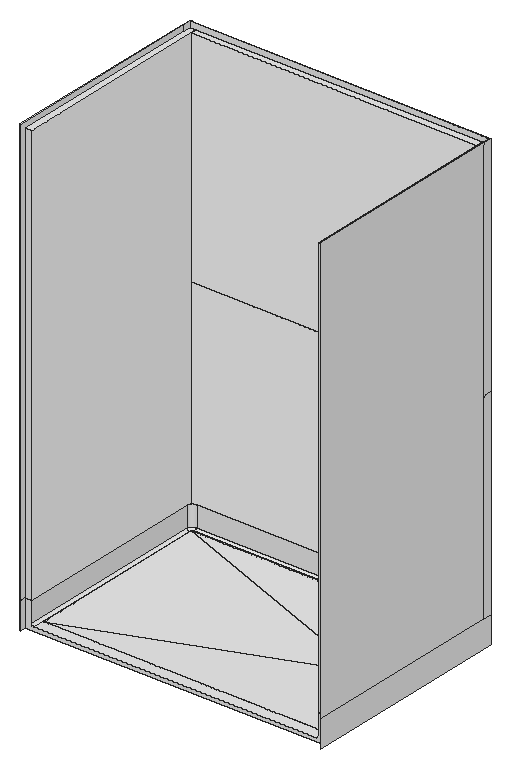
Revit family "5LBS5436FBE75B,FBE2B,FBE75T,FBE2T", category Plumbing Fixtures, Revit 2017
Family settings
  Round Connector Dimension = Use Diameter
  Part Type = Normal
  OmniClass Number = 23.45.05.14.17
  OmniClass Title = Showers
  Work Plane-Based = No
  Always vertical = Yes
  Cut with Voids When Loaded = No
  Shared = No
  Room Calculation Point = No
Parameters (values of type "5LBS5436FBE75B")
  Unit Width = 54"
  Unit Height = 81 1/4"
  Unit Depth = 37"
  URL = "http://www.bestbath.com/"
  Type Comments = "Barrier Free, Flat Back, End Drain"
  Threshold Height = 3/4"
  Model = "5LBS5436FBE75B"
  Material [instance] = Best Bath Gelcoat Fiberglass - Smooth
  Manufacturer = "Best Bath Systems, Inc."
  Keynote = "22 40 00.B3"
  Description = "4 x 8 Subway Tile, Beveled Threshold"
  Assembly Code = "D2010710"
Types (5): name | Unit Height | Threshold Height | Model | Material | Description
  (no name) | 81 1/4" | 3/4" | "5LBS5436FBE75B" | Best Bath Gelcoat Fiberglass - Smooth | "4 x 8 Subway Tile, Beveled Threshold"
  5LBS5436FBE75B | 81 1/4" | 3/4" | "5LBS5436FBE75B" | Best Bath Gelcoat Fiberglass - Smooth | "4 x 8 Subway Tile, Beveled Threshold"
  5LBS5436FBE75T | 81 1/4" | 3/4" | "5LBS5436FBE75T" | Best Bath Gelcoat Fiberglass - Smooth | "4 x 8 Subway Tile, Traditionals Bull Nose Threshold"
  5LBS5436FBE2T | 82 1/2" | 2" | "5LBS5436FBE2T" | Best Bath Gelcoat Fiberglass - Smooth | "4 x 8 Subway Tile, Traditionals Bull Nose Threshold"
  5LBS5436FBE2B | 82 1/2" | 2" | "5LBS5436FBE2B" | Best Bath Gelcoat Fiberglass - RealTile | "4 x 8 Subway Tile, Beveled Threshold"
Reference planes (in)
  plane 1: z = 0
  plane 2 "Left": x = 0
  plane 3: z = 80.25
  plane 4: z = 81.25
  plane 5: y = 0.36165
  plane 6: y = 37.36165
  plane 7: x = 54
  plane 8: y = 36.11165
  plane 9: y = 19.36165
  plane 10: z = 0.375
  plane 11: z = 0.75
  plane 12: z = 40.25
  plane 13: z = 4.75
  plane 14: y = -0.63835
  plane 15: z = 44
  plane 16: y = 0.36165
  plane 17: x = 45.5
Forms (in)
  Extrusion 1, solid, material "Best Bath Gelcoat Fiberglass - Smooth"
    sketch origin (0, 0, 0) x (1, 0, 0) y (0, 1, 0)
      loop
        line (0, 0.36165) -> (54, 0.36165) -> (54, 37.36165) -> (0, 37.36165) -> (0, 0.36165)
      loop
        circle (45.5032, 19.36165) r 2.125
    from 0 to 0.75
  Extrusion 2, solid, material "Best Bath Gelcoat Fiberglass - Smooth" <- "Material"
    sketch origin (0, 0, 0) x (1, 0, 0) y (0, 1, 0)
      loop
        line (1.25, 37.23665) -> (1.25, 36.11165) -> (52.75, 36.11165) -> (52.75, 37.23665) -> (1.25, 37.23665)
    from 4.75 to 40.25
  Blend 3, void
    base sketch origin (0, 0, 0) x (1, 0, 0) y (0, 1, 0)
      loop
        line (1.875, 2.36165) -> (52.125, 2.36165) -> (52.125, 35.48665) -> (1.875, 35.48665) -> (1.875, 2.36165)
    top sketch origin (0, 0, 0) x (1, 0, 0) y (0, 1, 0)
      loop
        circle (45.49922, 19.36165) r 0.07952
    from 0.75 to 0.375
  Extrusion 4, solid, material "Best Bath Gelcoat Fiberglass - Smooth" <- "Material"
    sketch origin (0, 0, 0) x (1, 0, 0) y (0, 1, 0)
      loop
        line (1.25, 37.36165) -> (1.25, 36.11165) -> (52.75, 36.11165) -> (52.75, 37.36165) -> (1.25, 37.36165)
    from 40.25 to 80.25
  Extrusion 5, solid, material "Best Bath Gelcoat Fiberglass - Smooth"
    sketch origin (0.25, 0, 0) x (1, 0, 0) y (0, 1, 0)
      loop
        line (53.625, 0.36165) -> (53.625, 37.23665) -> (52.5, 37.23665) -> (52.5, 0.36165) -> (53.625, 0.36165)
      loop
        line (-0.125, 0.36165) -> (1, 0.36165) -> (1, 37.23665) -> (-0.125, 37.23665) -> (-0.125, 0.36165)
    from 4.75 to 80.25
  Extrusion 6, solid, material "Best Bath Gelcoat Fiberglass - Smooth"
    sketch origin (0, 0, 0) x (1, 0, 0) y (0, 1, 0)
      loop
        line (0, 37.36165) -> (0, 0.36165) -> (1.25, 0.36165) -> (1.25, 35.11165)
        arc (1.25, 35.11165) -> (1.54289, 35.81875) -> (2.25, 36.11165) r 1
        line (2.25, 36.11165) -> (51.75, 36.11165)
        arc (51.75, 36.11165) -> (52.45711, 35.81875) -> (52.75, 35.11165) r 1
        line (52.75, 35.11165) -> (52.75, 0.36165) -> (54, 0.36165) -> (54, 36.11165) -> (54, 37.36165) -> (0, 37.36165)
    from 0 to 4.75
  Sweep 7, solid, material "Best Bath Gelcoat Fiberglass - Smooth"
    path origin (0, 0, 0) x (1, 0, 0) y (0, 1, 0)
      loop
        line (1.25, 0.36165) -> (1.25, 35.11165)
        arc (1.25, 35.11165) -> (1.54289, 35.81875) -> (2.25, 36.11165) r 1
        line (2.25, 36.11165) -> (51.75, 36.11165)
        arc (51.75, 36.11165) -> (52.45711, 35.81875) -> (52.75, 35.11165) r 1
        line (52.75, 35.11165) -> (52.75, 0.36165)
    profile origin (1.25, 17.73665, 0) x (-1, 0, 0) y (0, 0, 1)
      loop
        line (0, 0.75) -> (0, 1.125)
        arc (0, 1.125) -> (-0.10983, 0.85983) -> (-0.375, 0.75) r 0.375
        line (-0.375, 0.75) -> (0, 0.75)
  Extrusion 8, solid, material "Best Bath Gelcoat Fiberglass - Smooth"
    sketch origin (0, 0, 0) x (1, 0, 0) y (0, 1, 0)
      loop
        line (0, -0.63835) -> (0.125, -0.63835) -> (0.125, 0.36165) -> (0, 0.36165) -> (0, -0.63835)
      loop
        line (54, -0.63835) -> (54, 0.36165) -> (53.875, 0.36165) -> (53.875, -0.63835) -> (54, -0.63835)
    from 0 to 4.75
  Extrusion 9, solid, material "Best Bath Gelcoat Fiberglass - Smooth" <- "Material"
    sketch origin (0, 0, 0) x (1, 0, 0) y (0, 1, 0)
      loop
        line (0, 37.36165) -> (0, 35.86165) -> (0.125, 35.86165) -> (0.125, 37.23665) -> (53.875, 37.23665) -> (53.875, 35.86165) -> (54, 35.86165) -> (54, 37.36165) -> (0, 37.36165)
    from 40.25 to 81.25
  Extrusion 10, solid, material "Best Bath Gelcoat Fiberglass - Smooth"
    sketch origin (0, 0, 0) x (1, 0, 0) y (0, 1, 0)
      loop
        line (53.875, -0.63835) -> (54, -0.63835) -> (54, 35.86165) -> (53.875, 35.86165) -> (53.875, -0.63835)
      loop
        line (0.125, -0.63835) -> (0.125, 35.86165) -> (0, 35.86165) -> (0, -0.63835) -> (0.125, -0.63835)
    from 4.75 to 81.25
  Extrusion 11, solid, material "Best Bath Gelcoat Fiberglass - Smooth"
    sketch origin (0, 0, 0) x (1, 0, 0) y (0, 1, 0)
      loop
        line (0.12513, 37.23665) -> (53.87487, 37.23665) -> (53.87487, 35.86165) -> (54, 35.86165) -> (54, 37.36165) -> (0, 37.36165) -> (0, 35.86165) -> (0.12513, 35.86165) -> (0.12513, 37.23665)
    from 4.75 to 40.5
Cuts and joins
  Blend 3 cuts Extrusion 1
  joined: Extrusion 1, Extrusion 6, Sweep 7, Extrusion 8
  joined: Extrusion 4, Extrusion 9
  joined: Extrusion 5, Extrusion 10
Dimensions and locks (in)
  locked: plane 4 to plane 3 at 1
  "Unit Height": plane 4 to level
  "Unit Width": plane 2 "Left" to plane 7
  locked: plane 6 to plane 8 at 1.25
  plane 6 to plane 9 = 18"
  "Threshold Height": plane 11 to level
  locked: plane 11 to plane 10 at 0.375
  locked: plane 12 to plane 13 at 35.5
  locked: plane 13 to plane 11 at 4
  locked: plane 5 to plane 14 at 1
  plane 15 to plane 12 = 3 3/4"
  "Unit Depth": plane 6 to plane 16
  plane 2 "Left" to plane 17 to plane 7 = 45 1/2", 8 1/2"
  aligned and locked: level to plane 1
  aligned and locked: Extrusion 1 sketch curve to plane 5
  aligned and locked: Extrusion 1 sketch curve to plane 2 "Left"
  aligned and locked: plane 6 to Extrusion 1 sketch curve
  aligned and locked: Extrusion 1 sketch curve to plane 7
  aligned and locked: plane 9 to Extrusion 1 sketch curve
  aligned and locked: plane 11 to Extrusion 1
  aligned and locked: plane 9 to Blend 3 sketch curve
  aligned and locked: Extrusion 1 to Blend 3
  aligned and locked: Blend 3 to plane 10
  aligned and locked: plane 12 to Extrusion 2
  aligned and locked: Extrusion 4 to Extrusion 2
  aligned and locked: plane 3 to Extrusion 4
  aligned and locked: plane 3 to Extrusion 5
  aligned and locked: plane 13 to Extrusion 6
  aligned and locked: Extrusion 5 to plane 13
  aligned and locked: Extrusion 2 to plane 13
  aligned and locked: Sweep 7 sketch curve to plane 11
  aligned and locked: Extrusion 8 to Extrusion 2
  aligned and locked: plane 4 to Extrusion 9
  aligned and locked: Extrusion 10 to Extrusion 2
  aligned and locked: plane 4 to Extrusion 10
  aligned and locked: Extrusion 9 to plane 12
  aligned and locked: cut or joined group of Extrusion 5, Extrusion 10 to Extrusion 4 sketch curve
  aligned and locked: Extrusion 4 sketch curve to cut or joined group of Extrusion 5, Extrusion 10
  aligned and locked: Extrusion 2 sketch curve to cut or joined group of Extrusion 4, Extrusion 9  (x2)
  aligned and locked: Extrusion 11 to Extrusion 2
Automatic sketch dimensions
  Extrusion 2 sketch curve to plane 8 = 0"
  Extrusion 2 sketch curve to plane 6 = 1/8"
  Blend 3 sketch curve to plane 8 = 5/8"
  plane 2 "Left" to Blend 3 sketch curve = 1 7/8"
  plane 7 to Blend 3 sketch curve = 1 7/8"
  plane 5 to Blend 3 sketch curve = 2"
  Extrusion 4 sketch curve to plane 8 = 0"
  Extrusion 4 sketch curve to plane 6 = 0"
  Extrusion 5 sketch curve to plane 5 = 0"  (x2)
  plane 2 "Left" to Extrusion 5 sketch curve = 1/8"
  Extrusion 5 sketch curve to Extrusion 5 sketch curve = 1 1/8"
  plane 7 to Extrusion 5 sketch curve = 1 1/4"
  plane 7 to Extrusion 5 sketch curve = 1/8"
  Extrusion 5 sketch curve to plane 6 = 1/8"  (x2)
  Extrusion 6 sketch curve to plane 2 "Left" = 0"
  Extrusion 6 sketch curve to plane 5 = 0"  (x2)
  Extrusion 6 sketch curve to plane 8 = 0"  (x2)
  Extrusion 6 sketch curve to plane 7 = 0"
  Extrusion 6 sketch curve to plane 6 = 0"
  Extrusion 6 sketch curve to Extrusion 6 sketch curve = 1 1/4"
  Extrusion 6 sketch curve to Extrusion 6 sketch curve = 1"
  Extrusion 6 sketch curve to plane 8 = 1"
  plane 7 to Extrusion 6 sketch curve = 2 1/4"
  Sweep 7 sketch curve to plane 5 = 0"  (x2)
  Sweep 7 sketch curve to plane 8 = 0"
  plane 2 "Left" to Sweep 7 sketch curve = 1 1/4"
  Sweep 7 sketch curve to Sweep 7 sketch curve = 1"
  Sweep 7 sketch curve to plane 8 = 1"
  plane 7 to Sweep 7 sketch curve = 2 1/4"
  Sweep 7 sketch curve to profile plane = 0"
  profile plane to Sweep 7 sketch curve = 3/8"
  Extrusion 8 sketch curve to plane 2 "Left" = 0"
  Extrusion 8 sketch curve to plane 5 = 0"  (x2)
  Extrusion 8 sketch curve to plane 14 = 0"  (x2)
  Extrusion 8 sketch curve to plane 7 = 0"
  plane 2 "Left" to Extrusion 8 sketch curve = 1/8"
  plane 7 to Extrusion 8 sketch curve = 1/8"
  Extrusion 9 sketch curve to plane 2 "Left" = 0"
  Extrusion 9 sketch curve to plane 7 = 0"
  Extrusion 9 sketch curve to plane 6 = 0"
  Extrusion 9 sketch curve to Extrusion 9 sketch curve = 1/8"
  plane 7 to Extrusion 9 sketch curve = 1/8"
  Extrusion 9 sketch curve to plane 6 = 1/8"
  Extrusion 9 sketch curve to plane 8 = 1/4"  (x2)
  Extrusion 10 sketch curve to plane 2 "Left" = 0"
  Extrusion 10 sketch curve to plane 14 = 0"  (x2)
  Extrusion 10 sketch curve to plane 7 = 0"
  plane 2 "Left" to Extrusion 10 sketch curve = 1/8"
  plane 7 to Extrusion 10 sketch curve = 1/8"
  Extrusion 10 sketch curve to plane 8 = 1/4"  (x2)
  Extrusion 11 sketch curve to plane 2 "Left" = 0"
  Extrusion 11 sketch curve to plane 6 = 0"
  Extrusion 11 sketch curve to plane 7 = 0"
  plane 2 "Left" to Extrusion 11 sketch curve = 0.12513"
  plane 7 to Extrusion 11 sketch curve = 0.12513"
  Extrusion 11 sketch curve to plane 6 = 1/8"
  Extrusion 11 sketch curve to plane 8 = 1/4"  (x2)
  Extrusion 1 sketch curve to plane 17 = 0.0032"
  plane 17 to Blend 3 sketch curve = 0.00078"
  radius of Extrusion 1 sketch curve = 2 1/8"
  radius of Blend 3 sketch curve = 0.07952"
